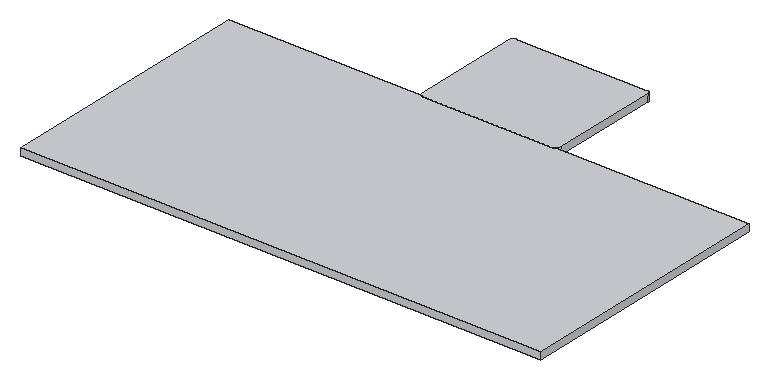
Revit family "AVLN_Стол перподавателя", category Мебель, Revit 2019
Family settings
  Номер OmniClass = 23.40.20.00
  Заголовок OmniClass = General Furniture and Specialties
  На основе рабочей плоскости = Нет
  Всегда вертикально = Да
  При загрузке вырезать с полостями = Нет
  Общий = Нет
  Точка расчета площади = Нет
Parameters (values of type "Один стол")
  Столешница_Ширина = 600 mm
  Столешница_Длина = 1200 mm
  Столешница2_Длина = 1000 mm
  Сиденье_Ширина = 320 mm
  Сиденье_Глубина = 270 mm
  Второй стол = no
Types (3, lengths in mm): name | Столешница2_Длина | Второй стол
  (no name) | 1000 | no
  Два стола | 1200 | yes
  Один стол | 1000 | no
Reference planes
  plane 1 "По центру (Вперед/Назад)": y = 0
  plane 2: z = 0
  plane 3 "По центру (Влево/Вправо)": x = 0
  plane 4: x = -600
  plane 5: x = 600
  plane 6: y = 300
  plane 7: y = -300
  plane 8: x = 1600
Forms (mm)
  Extrusion 1, solid
    sketch origin (0, 0, 0) x (1, 0, 0) y (0, 1, 0)
      loop
        line (-600, 300) -> (-600, -300) -> (600, -300) -> (600, 300) -> (-600, 300)
    from 0 to 16
Lines and regions (mm)
  Masking region 1
    outline origin (0, 0, 0) x (1, 0, 0) y (0, 1, 0)
      loop
        line (-600, 300) -> (-600, -300) -> (600, -300) -> (600, 300) -> (-600, 300)
  Masking region 2, visible <- "Второй стол"
    outline origin (0, 0, 0) x (1, 0, 0) y (0, 1, 0)
      loop
        line (600, 300) -> (600, -300) -> (1600, -300) -> (1600, 300) -> (600, 300)
Dimensions and locks
  "Столешница_Длина": plane 4 to plane 5
  "Столешница_Ширина": plane 6 to plane 7
  equal spacing: plane 7, plane 1 "По центру (Вперед/Назад)", plane 6
  equal spacing: plane 4, plane 3 "По центру (Влево/Вправо)", plane 5
  Extrusion 1 to level = 16 mm
  plane 4 to plane 3 "По центру (Влево/Вправо)" = 600 mm
  plane 3 "По центру (Влево/Вправо)" to plane 5 = 600 mm
  locked: nested 1 to plane 6 at 270
  "Столешница2_Длина": plane 5 to plane 8
  aligned and locked: level to plane 2
  aligned and locked: Extrusion 1 sketch curve to plane 6
  aligned and locked: plane 4 to Extrusion 1 sketch curve
  aligned and locked: plane 7 to Extrusion 1 sketch curve
  aligned and locked: Extrusion 1 sketch curve to plane 5
  aligned and locked: Masking region 1 to plane 7
  aligned and locked: plane 5 to Masking region 1
  aligned and locked: Masking region 1 to plane 4
  aligned and locked: plane 6 to Masking region 1
  aligned and locked: plane 3 "По центру (Влево/Вправо)" to nested 1
  aligned and locked: Masking region 2 sketch curve to plane 8
  aligned and locked: Masking region 2 sketch curve to plane 6
  aligned and locked: plane 5 to Masking region 2 sketch curve
  aligned and locked: Masking region 2 sketch curve to plane 7
Automatic sketch dimensions
  plane 1 "По центру (Вперед/Назад)" to Masking region 1 sketch curve = 300 mm
  Masking region 1 sketch curve to plane 4 = 0 mm
  Masking region 1 sketch curve to Masking region 1 sketch curve = 1200 mm
  Masking region 1 sketch curve to plane 6 = 0 mm
Nested families
  nested 1: "Ученический стул" at (0, 435, 0), type "Ученический стул"
    with Сиденье_Глубина 270 mm
  nested 2: "Ученический стул" at (0, 435, 0), type "Ученический стул", not visible
    with Сиденье_Глубина 270 mm
  nested 3: "Ученический стул" at (-300, 435, 0), type "Ученический стул", not visible
    with Сиденье_Глубина 270 mm
  nested 4: "Ученический стул" at (300, 435, 0), type "Ученический стул", not visible
    with Сиденье_Глубина 270 mm
Definition of nested family "Ученический стул"
  Parameters (values of type "Ученический стул")
    Сиденье_Ширина = 320 mm
    Сиденье_Глубина = 300 mm
  Reference planes
    plane 1 "По центру (Вперед/Назад)": y = 0
    plane 2: z = 0
    plane 3 "По центру (Влево/Вправо)": x = 0
    plane 4: y = 150
    plane 5: x = 160
    plane 6: y = -150
    plane 7: x = -160
  Forms (mm)
    Extrusion 1, solid
      sketch origin (0, 0, 0) x (1, 0, 0) y (0, 1, 0)
        loop
          line (150, 150) -> (-150, 150)
          arc (-150, 150) -> (-157.071, 147.071) -> (-160, 140) r 10
          line (-160, 140) -> (-160, -140)
          arc (-160, -140) -> (-157.071, -147.071) -> (-150, -150) r 10
          line (-150, -150) -> (150, -150)
          arc (150, -150) -> (157.071, -147.071) -> (160, -140) r 10
          line (160, -140) -> (160, 140)
          arc (160, 140) -> (157.071, 147.071) -> (150, 150) r 10
      from 0 to 16
  Lines and regions (mm)
    model lines
      curve 1: arc (-130, 117.964, 0) -> (0, 146.539, 0) -> (130, 117.964, 0) r 310
  Dimensions and locks
    equal spacing: plane 7, plane 3 "По центру (Влево/Вправо)", plane 5
    equal spacing: plane 4, plane 1 "По центру (Вперед/Назад)", plane 6
    "Сиденье_Ширина": plane 7 to plane 5
    "Сиденье_Глубина": plane 4 to plane 6
    Extrusion 1 to plane 2 = 16 mm
    locked: plane 4 to Extrusion 1 sketch curve at 10  (x2)
    locked: Extrusion 1 sketch curve to plane 5 at 10  (x2)
    locked: plane 7 to Extrusion 1 sketch curve at 10  (x2)
    locked: plane 6 to Extrusion 1 sketch curve at 10  (x2)
    aligned and locked: level to plane 2
    aligned and locked: plane 4 to Extrusion 1 sketch curve
    aligned and locked: plane 5 to Extrusion 1 sketch curve
    aligned and locked: plane 6 to Extrusion 1 sketch curve
    aligned and locked: plane 7 to Extrusion 1 sketch curve
  Automatic sketch dimensions
    plane 3 "По центру (Влево/Вправо)" to curve 1 = 0 mm
    plane 6 to curve 1 = 13.461 mm
    curve 1 to plane 7 = 30 mm
    curve 1 to plane 5 = 30 mm
    curve 1 to plane 4 = 32.036 mm
